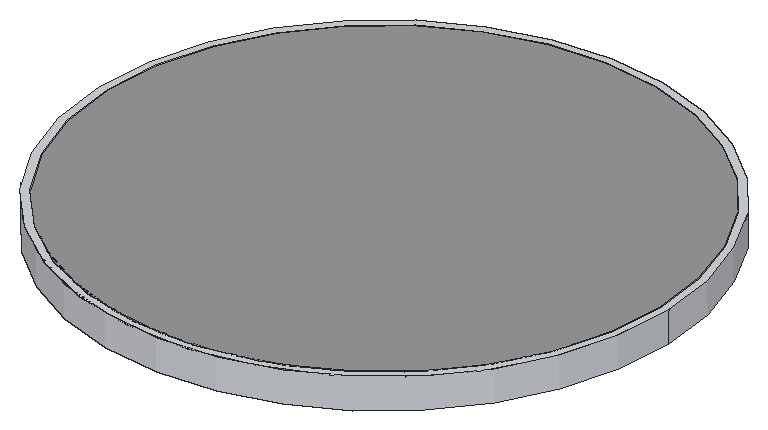
Revit family "2071319", category Lighting Fixtures, host Face, Revit 2018
Family settings
  Host = Face
  Round Connector Dimension = Use Diameter
  Part Type = Junction Box
  OmniClass Number = 23.80.70.00
  OmniClass Title = Lighting
  Cut with Voids When Loaded = No
  Light Source = Yes
  Shared = No
  Room Calculation Point = No
Parameters (values of type "2071319 COLOSSAL 1200 840 PR DIR+H WHT SSA02")
  iner diameter = 1168 mm
  Weight = "n/a"
  Wattage Comments = ""
  Wattage = 30 W
  WarrantyStartDate [instance] = "n/a"
  WarrantyGuarantorParts = "n/a"
  WarrantyDurationUnit = "n/a"
  WarrantyDurationParts = ""
  WarrantyDescription = "http://www.sylvania-lighting.com"
  built-in parameter 1150110 = 1 (stored number, unit not read)
  Voltage = 230 V
  URL = "0.95"
  TypeName = "COLOSSAL 1200mm 840 PRISM DIR+HAL WHITE SSA02"
  Type Image = <None>
  Type Comments = "n/a"
  built-in parameter 1114217 = 1 (stored number, unit not read)
  Tilt Angle = -90.00°
  built-in parameter 1150109 = 1 (stored number, unit not read)
  built-in parameter 1150134 = (empty or 0)
  built-in parameter 1150113 = 1 (stored number, unit not read)
  SerialNumber [instance] = "n/a"
  Photometric Web File = "2071319.ies"
  Material_3_SYL = LED-Sylvania
  PowerFactor = 0
  PowerConsumption = "Lighting"
  NominalLength = 1168 mm
  NominalHeight = 93 mm
  NominalDepth = 1168 mm
  Name = "COLOSSAL 1200mm 840 PRISM DIR+HAL WHITE SSA02"
  ModelReference = Name  # "COLOSSAL 1200mm 840 PRISM DIR+HAL WHITE SSA02"
  ModelNumber = "2071319"
  Model = Name  # "COLOSSAL 1200mm 840 PRISM DIR+HAL WHITE SSA02"
  Material = "Feilo Sylvania"
  ManufacturerName = "136 lm/W"
  Manufacturer = ""
  LuminousEfficacy = ""
  built-in parameter 1150105 = 270.44 (stored number, unit not read)
  Lumens = 3398.4 lm
  LuminaireType = "0"
  built-in parameter 1150115 = 1 (stored number, unit not read)
  LightOutputRatio = "LED"
  built-in parameter 1150137 = (empty or 0)
  built-in parameter 1150139 = (empty or 0)
  LampsType = Lamp  # "n/a"
  LampNominalLuminous = "4000 K"
  LampMacAdamStep = "80"
  LampColourTemperature = "LED"
  LampColourRenderingIndex = "16500"
  built-in parameter 1150112 = 1 (stored number, unit not read)
  built-in parameter 1150114 = 1 (stored number, unit not read)
  Lamp = "n/a"
  Keynote = "n/a"
  InstallationDate [instance] = "n/a"
  InputVoltage = "0"
  InputNominalFrequency = "4000"
  built-in parameter 1150132 = (empty or 0)
  built-in parameter 1150102 = (empty or 0)
  built-in parameter 1150107 = 3000 (stored number, unit not read)
  built-in parameter 1150138 = (empty or 0)
  IngressProtection = "IfcLightFixtureType"
  ImpactProtectionIndex = "IfcLightFixtureType"
  built-in parameter 1150106 = 2.7044 (stored number, unit not read)
  IfcExportType = "IfcLightFixtureType"
  IfcExportAs = "Class I"
  Emit from Circle Diameter = 385 mm
  Emit Shape Visible in Rendering = no
  ElectricShockClassification = "136"
  built-in parameter 1150104 = 10.524 (stored number, unit not read)
  DocumentationLiterature = "http://www.sylvania-lighting.com/product/en-int/products/2071319"
  DimmingControlOptions = "n/a"
  Material_2_SYL = Polycarbonate_Sylvania_White
  Dimming Lamp Color Temperature Shift = <None>
  Description = "1200mm diameter circular architectural luminaire, can be surface mounted or suspended. Powder coated aluminium housing (RAL9016) with PMMA prismatic diffuser. Direct/indirect (halo) light distribution, 16665lm luminuous flux, 122.6W system power, 136lm/W luminiaire efficacy. Sylsmart Connected enabled. Colour rendering index Ra >80, 4000K Neutral White LED, chromaticity tolerance of 3-step MacAdam ellipse. IP40/IP20, IK03. 350mA drive current. UGR≤19. Electrical protection Class1, 220-240V. Reported lifetime 66k hours L90B10."
  Default Elevation = 1219.2 mm
  CreatedOn = "23/03/2022"
  CreatedBy = "@sylvania-lighting.com"
  Cost = 0
  Color Filter = 16777215
  built-in parameter 1114216 [instance] = (empty or 0)
  ClassificationValue = "EF_70_80"
  ClassificationName = "Uniclass2015"
  Material_1_SYL = Polycarbonate_Sylvania_Opal
  BarCode [instance] = "n/a"
  built-in parameter 1114218 = 1 (stored number, unit not read)
  built-in parameter 1150133 = 10 (stored number, unit not read)
  AssetType = "Fixed"
  AssetIdentifier [instance] = "n/a"
  Assembly Code = "D5020200"
  Apparent Load = 122.6 VA
  Material_4_SYL = none
Reference planes
  plane 1 "Center (Front/Back)": y = 0
  plane 2: z = 0
  plane 3 "Center (Left/Right)": x = 0
  plane 4: z = 1.161
  plane 5: z = 16.161
  plane 6: y = 584
  plane 7: y = -584
  plane 8: x = 85
  plane 9: x = -85
  plane 10: through (0, 0, 1219.2) normal (0.5, 0.866, 0)
  plane 11: through (42.5, 73.612, 1219.2) normal (0.5, 0.866, 0)
  plane 12: through (-42.5, -73.612, 1219.2) normal (0.5, 0.866, 0)
  plane 13: through (0, 0, 1219.2) normal (0.5, -0.866, 0)
  plane 14: through (-42.5, 73.612, 1219.2) normal (0.5, -0.866, 0)
  plane 15: through (42.5, -73.612, 1219.2) normal (0.5, -0.866, 0)
  plane 16: z = 93
  plane 17: y = 584
  plane 18: y = -584
  plane 19: y = -429
  plane 20: x = -584
  plane 21: x = 584
Forms (mm)
  Extrusion 1, solid, detail levels medium+fine
    sketch origin (0, 0, 0) x (0.866025, -0.5, 0) y (0.5, 0.866025, 0)
      loop
        circle (-50, 86.603) r 22
    from 0 to 2
  Extrusion 2, solid, detail levels medium+fine
    sketch origin (0, 0, 0) x (0.866025, -0.5, 0) y (0.5, 0.866025, 0)
      loop
        circle (100, 0) r 22
      loop
        circle (-50, -86.603) r 22
    from 0 to 2
  Extrusion 3, solid, detail levels medium+fine
    sketch origin (0, 0, 0) x (1, 0, 0) y (0, 1, 0)
      loop
        circle (0, 0) r 584
    from 30 to 93
  Extrusion 4, void
    sketch origin (0, 0, 0) x (1, 0, 0) y (0, 1, 0)
      loop
        circle (0, 0) r 568
    from 96.588 to 37.292
  Extrusion 5, solid, material "Glass, White, High Luminance", detail levels fine
    sketch origin (0, 0, 0) x (1, 0, 0) y (0, 1, 0)
      loop
        circle (0, 0) r 568
    from 88.022 to 93
  Extrusion 6, solid, detail levels coarse
    sketch origin (0, 0, 0) x (1, 0, 0) y (0, 1, 0)
      loop
        line (-584, 584) -> (-584, -584) -> (584, -584) -> (584, 584) -> (-584, 584)
    from 0 to 93
  Blend 7, solid, detail levels medium+fine
    base sketch origin (-10.814, 11.299, 29.922) x (1, 0, 0) y (0, 1, 0)
      loop
        line (-402.654, -330.622) -> (397.346, -330.622) -> (482.346, -183.398) -> (82.346, 509.423) -> (-87.654, 509.423) -> (-487.654, -183.398) -> (-402.654, -330.622)
    top sketch origin (-10.814, 11.299, 29.922) x (1, 0, 0) y (0, 1, 0)
      loop
        line (-363.391, -306.496) -> (364.632, -306.496) -> (449.632, -159.272) -> (87.132, 468.597) -> (-82.868, 468.597) -> (-445.368, -159.272) -> (-363.391, -306.496)
    from 0 to -30
Cuts and joins
  Extrusion 4 cuts Extrusion 1
  Extrusion 4 cuts Extrusion 2
  Extrusion 4 cuts Extrusion 3
Lines and regions (mm)
  model lines, detail levels medium+fine
    curve 1: circle (0, 0, 0) r 155 normal (0, 0, 1)
  reference lines
    curve 2: circle (0, 0, 0) r 489 normal (0, 0, 1)
    curve 3: circle (0, 0, 0) r 521 normal (0, 0, 1)
    curve 4: line (0, 0, 0) -> (606.218, -350, 0)
    curve 5: line (0, 0, 0) -> (0, 825, 0)
    curve 6: line (0, 0, 0) -> (-623.538, -360, 0)
    curve 7: line (639.013, -270.785, 0) -> (85, 49.075, 0)
    curve 8: line (563.718, -423.612, 0) -> (0, -98.15, 0)
    curve 9: line (85, 49.075, 0) -> (85, 825, 0)
    curve 10: line (-85, 49.075, 0) -> (-85, 825, 0)
    curve 11: line (-85, 49.075, 0) -> (-666.038, -286.388, 0)
    curve 12: line (-581.038, -433.612, 0) -> (0, -98.15, 0)
Dimensions and locks
  plane 4 to level = 1.161 mm
  locked: plane 5 to plane 4 at 15
  "NominalDepth": plane 6 to plane 7
  plane 6 to plane 1 "Center (Front/Back)" to plane 7 = 584 mm, 584 mm
  "NominalHeight": level to plane 16
  equal spacing: plane 17, plane 1 "Center (Front/Back)", plane 18
  "NominalLength": plane 20 to plane 21
  equal spacing: plane 20, plane 3 "Center (Left/Right)", plane 21
  aligned and locked: plane 2 to host face
  aligned and locked: level to host face
  aligned and locked: plane 6 to Extrusion 6
Automatic sketch dimensions
  host sketch curve to host sketch curve = 2438.4 mm  (x2)
  Extrusion 1 sketch curve to plane 3 "Center (Left/Right)" = 0 mm
  Extrusion 1 sketch curve to plane 1 "Center (Front/Back)" = 100 mm
  plane 1 "Center (Front/Back)" to Extrusion 2 sketch curve = 50 mm
  Extrusion 2 sketch curve to plane 3 "Center (Left/Right)" = 86.603 mm
  Extrusion 2 sketch curve to Extrusion 2 sketch curve = 150 mm
  Extrusion 2 sketch curve to Extrusion 2 sketch curve = 86.603 mm
  plane 1 "Center (Front/Back)" to curve 1 = 0 mm
  curve 1 to plane 3 "Center (Left/Right)" = 0 mm
  plane 1 "Center (Front/Back)" to Extrusion 3 sketch curve = 0 mm
  Extrusion 3 sketch curve to plane 3 "Center (Left/Right)" = 0 mm
  plane 1 "Center (Front/Back)" to Extrusion 4 sketch curve = 0 mm
  Extrusion 4 sketch curve to plane 3 "Center (Left/Right)" = 0 mm
  plane 1 "Center (Front/Back)" to Extrusion 5 sketch curve = 0 mm
  Extrusion 5 sketch curve to plane 3 "Center (Left/Right)" = 0 mm
  curve 2 to curve 3 = 0 mm  (x2)
  curve 11 to plane 14 = 0 mm
  curve 6 to plane 13 = 0 mm
  curve 12 to plane 15 = 0 mm
  curve 10 to plane 9 = 0 mm
  curve 12 to plane 3 "Center (Left/Right)" = 0 mm
  plane 1 "Center (Front/Back)" to curve 3 = 0 mm
  curve 3 to plane 3 "Center (Left/Right)" = 0 mm
  curve 7 to plane 8 = 0 mm
  curve 11 to plane 10 = 0 mm
  curve 12 to plane 19 = 4.612 mm
  plane 19 to curve 6 = 69 mm
  plane 19 to curve 11 = 142.612 mm
  plane 19 to curve 8 = 5.388 mm
  plane 19 to curve 4 = 79 mm
  plane 19 to curve 7 = 158.215 mm
  plane 6 to curve 5 = 241 mm
  curve 10 to curve 5 = 0 mm
  curve 5 to curve 9 = 0 mm
  plane 1 "Center (Front/Back)" to curve 6 = 0 mm
  curve 6 to plane 3 "Center (Left/Right)" = 0 mm
  Extrusion 6 sketch curve to plane 7 = 0 mm
  Extrusion 6 sketch curve to plane 6 = 0 mm
  Blend 7 sketch curve to plane 6 = 756.098 mm  (x2)
  Blend 7 sketch curve to Blend 7 sketch curve = 85 mm
  plane 3 "Center (Left/Right)" to Blend 7 sketch curve = 386.532 mm
  plane 8 to Blend 7 sketch curve = 386.532 mm
  Blend 7 sketch curve to plane 6 = 63.278 mm
  Blend 7 sketch curve to plane 6 = 731.972 mm  (x2)
  Blend 7 sketch curve to Blend 7 sketch curve = 81.977 mm
  plane 3 "Center (Left/Right)" to Blend 7 sketch curve = 353.818 mm
  plane 8 to Blend 7 sketch curve = 353.818 mm
  Blend 7 sketch curve to plane 6 = 104.104 mm
  plane 12 to curve 8 = 0 mm
  plane 19 to Blend 7 sketch curve = 109.677 mm
  plane 19 to Blend 7 sketch curve = 133.803 mm
  plane 8 to Extrusion 6 sketch curve = 499 mm
  Extrusion 6 sketch curve to plane 9 = 499 mm
  Blend 7 sketch curve to plane 8 = 13.468 mm
  Blend 7 sketch curve to plane 9 = 13.468 mm
  Blend 7 sketch curve to plane 9 = 328.468 mm
  Blend 7 sketch curve to plane 8 = 8.682 mm
  Blend 7 sketch curve to plane 9 = 8.682 mm
  Blend 7 sketch curve to plane 9 = 289.205 mm
  plane 10 to curve 4 = 0 mm
  plane 11 to curve 7 = 0 mm
  curve 12 to plane 12 = 0 mm
  curve 9 to plane 11 = 0 mm
  radius of Extrusion 1 sketch curve = 22 mm
  radius of Extrusion 2 sketch curve = 22 mm  (x2)
  radius of curve 1 = 155 mm
  radius of Extrusion 3 sketch curve = 584 mm
  radius of Extrusion 4 sketch curve = 568 mm
  radius of Extrusion 5 sketch curve = 568 mm
  radius of curve 2 = 489 mm
  radius of curve 3 = 521 mm
Connectors
  electrical at (0, 0, 30)
    settings: on cut or joined group of Extrusion 3, Extrusion 4, index 1, voltage 0 V, apparent load 0 VA, apparent load phase1 0 VA, apparent load phase2 0 VA, apparent load phase3 0 VA, power factor 1, load classification "Other", number of poles 1, system type 31, power factor state 1, is connector primary yes, connector utility no, sub classification motor no, connector description ""
